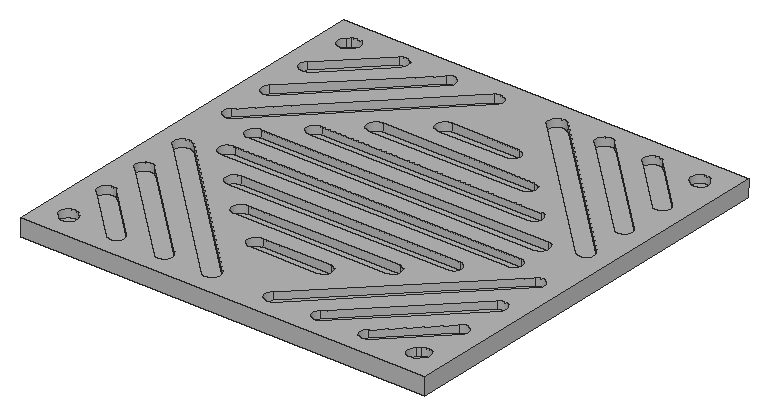
Revit family "dBA-1-inch-Ceiling-and-Wall-Panels-24x24-1", category Specialty Equipment, Revit 2026
Family settings
  Round Connector Dimension = Use Diameter
  Part Type = Normal
  Classification Number = 23.35.00.00
  Work Plane-Based = Yes
  Enable Cutting in Views = Yes
  Always vertical = No
  Cut with Voids When Loaded = No
  Maintain Annotation Orientation = No
  Shared = No
  Room Calculation Point = No
Parameters (values of type "Charcoal")
  URL = "https://www.acousticalsurfaces.com/sound-silencer/dba-ceiling-wall-panel/"
  Type Comments = "dBA Ceiling and Wall Panels"
  Recycled Content Percentage = "0%"
  Model = "Sound Silencer - dBA Ceiling and Wall Panels"
  Material = "Sound Silencer dBA"
  Manufacturer = "Acoustical Surfaces, Inc."
  Fire Rating = "ASTM E84 - Class A"
  Finish = Paint - Acoustical-Surfaces - dBA - Charcoal
  Description = "dBA Ceiling and Wall Panels"
  Default Elevation = 4' - 0"
  Assembly Code = "C30"
  Acoustics - NRC = "Sound absorption varies from NRC 0.45 to 0.95 based on installation method used when tested per ASTM C423."
Types (2): name | Finish
  Charcoal | Paint - Acoustical-Surfaces - dBA - Charcoal
  White | Paint - Acoustical-Surfaces - dBA - White
Reference planes (in)
  plane 1 "Center (Front/Back)": y = 0
  plane 2: z = 0
  plane 3 "Center (Left/Right)": x = 0
  plane 4: x = -12
  plane 5: x = 12
  plane 6: y = 12
  plane 7: y = -12
  plane 8: z = 1
Forms (in)
  Extrusion 1, solid, material "Paint - Acoustical-Surfaces - dBA - Charcoal" <- "Finish"
    sketch origin (0, 0, 0) x (1, 0, 0) y (0, 1, 0)
      loop
        line (12, 12) -> (-12, 12) -> (-12, -12) -> (12, -12) -> (12, 12)
    from 0 to 0.5625
  Extrusion 2, solid, material "Paint - Acoustical-Surfaces - dBA - Charcoal" <- "Finish"
    sketch origin (0, 0, 0.5625) x (1, 0, 0) y (0, 1, 0)
      loop
        line (12, 12) -> (-12, 12) -> (-12, -12) -> (12, -12) -> (12, 12)
      loop
        arc (-10.14645, -9.96967) -> (-10.85355, -9.96967) -> (-10.85355, -10.67678) r 0.5
        line (-10.85355, -10.67678) -> (-10.67678, -10.85355)
        arc (-10.67678, -10.85355) -> (-9.96967, -10.85355) -> (-9.96967, -10.14645) r 0.5
        line (-9.96967, -10.14645) -> (-10.14645, -9.96967)
      loop
        arc (-7.84835, -10.85355) -> (-7.14124, -10.85355) -> (-7.14124, -10.14645) r 0.5
        line (-7.14124, -10.14645) -> (-10.14645, -7.14124)
        arc (-10.14645, -7.14124) -> (-10.85355, -7.14124) -> (-10.85355, -7.84835) r 0.5
        line (-10.85355, -7.84835) -> (-7.84835, -10.85355)
      loop
        arc (-5.01992, -10.85355) -> (-4.31282, -10.85355) -> (-4.31282, -10.14645) r 0.5
        line (-4.31282, -10.14645) -> (-10.14645, -4.31282)
        arc (-10.14645, -4.31282) -> (-10.85355, -4.31282) -> (-10.85355, -5.01992) r 0.5
        line (-10.85355, -5.01992) -> (-5.01992, -10.85355)
      loop
        arc (-2.1915, -10.85355) -> (-1.48439, -10.85355) -> (-1.48439, -10.14645) r 0.5
        line (-1.48439, -10.14645) -> (-10.14645, -1.48439)
        arc (-10.14645, -1.48439) -> (-10.85355, -1.48439) -> (-10.85355, -2.1915) r 0.5
        line (-10.85355, -2.1915) -> (-2.1915, -10.85355)
      loop
        arc (2, -7.5) -> (2.5, -7) -> (2, -6.5) r 0.5
        line (2, -6.5) -> (-2, -6.5)
        arc (-2, -6.5) -> (-2.5, -7) -> (-2, -7.5) r 0.5
        line (-2, -7.5) -> (2, -7.5)
      loop
        arc (4.5, -5.5) -> (5, -5) -> (4.5, -4.5) r 0.5
        line (4.5, -4.5) -> (-4.5, -4.5)
        arc (-4.5, -4.5) -> (-5, -5) -> (-4.5, -5.5) r 0.5
        line (-4.5, -5.5) -> (4.5, -5.5)
      loop
        arc (6.5, -3.5) -> (7, -3) -> (6.5, -2.5) r 0.5
        line (6.5, -2.5) -> (-6.5, -2.5)
        arc (-6.5, -2.5) -> (-7, -3) -> (-6.5, -3.5) r 0.5
        line (-6.5, -3.5) -> (6.5, -3.5)
      loop
        arc (8.5, -1.5) -> (9, -1) -> (8.5, -0.5) r 0.5
        line (8.5, -0.5) -> (-8.5, -0.5)
        arc (-8.5, -0.5) -> (-9, -1) -> (-8.5, -1.5) r 0.5
        line (-8.5, -1.5) -> (8.5, -1.5)
      loop
        arc (8.5, 0.5) -> (9, 1) -> (8.5, 1.5) r 0.5
        line (8.5, 1.5) -> (-8.5, 1.5)
        arc (-8.5, 1.5) -> (-9, 1) -> (-8.5, 0.5) r 0.5
        line (-8.5, 0.5) -> (8.5, 0.5)
      loop
        arc (6.5, 2.5) -> (7, 3) -> (6.5, 3.5) r 0.5
        line (6.5, 3.5) -> (-6.5, 3.5)
        arc (-6.5, 3.5) -> (-7, 3) -> (-6.5, 2.5) r 0.5
        line (-6.5, 2.5) -> (6.5, 2.5)
      loop
        arc (4.5, 4.5) -> (5, 5) -> (4.5, 5.5) r 0.5
        line (4.5, 5.5) -> (-4.5, 5.5)
        arc (-4.5, 5.5) -> (-5, 5) -> (-4.5, 4.5) r 0.5
        line (-4.5, 4.5) -> (4.5, 4.5)
      loop
        line (-2, 6.5) -> (2, 6.5)
        arc (2, 6.5) -> (2.5, 7) -> (2, 7.5) r 0.5
        line (2, 7.5) -> (-2, 7.5)
        arc (-2, 7.5) -> (-2.5, 7) -> (-2, 6.5) r 0.5
      loop
        arc (-1.48439, 10.14645) -> (-1.48439, 10.85355) -> (-2.1915, 10.85355) r 0.5
        line (-2.1915, 10.85355) -> (-10.85355, 2.1915)
        arc (-10.85355, 2.1915) -> (-10.85355, 1.48439) -> (-10.14645, 1.48439) r 0.5
        line (-10.14645, 1.48439) -> (-1.48439, 10.14645)
      loop
        arc (-4.31282, 10.14645) -> (-4.31282, 10.85355) -> (-5.01992, 10.85355) r 0.5
        line (-5.01992, 10.85355) -> (-10.85355, 5.01992)
        arc (-10.85355, 5.01992) -> (-10.85355, 4.31282) -> (-10.14645, 4.31282) r 0.5
        line (-10.14645, 4.31282) -> (-4.31282, 10.14645)
      loop
        arc (-7.14124, 10.14645) -> (-7.14124, 10.85355) -> (-7.84835, 10.85355) r 0.5
        line (-7.84835, 10.85355) -> (-10.85355, 7.84835)
        arc (-10.85355, 7.84835) -> (-10.85355, 7.14124) -> (-10.14645, 7.14124) r 0.5
        line (-10.14645, 7.14124) -> (-7.14124, 10.14645)
      loop
        line (-10.14645, 9.96967) -> (-9.96967, 10.14645)
        arc (-9.96967, 10.14645) -> (-9.96967, 10.85355) -> (-10.67678, 10.85355) r 0.5
        line (-10.67678, 10.85355) -> (-10.85355, 10.67678)
        arc (-10.85355, 10.67678) -> (-10.85355, 9.96967) -> (-10.14645, 9.96967) r 0.5
      loop
        arc (10.14645, 1.48439) -> (10.85355, 1.48439) -> (10.85355, 2.1915) r 0.5
        line (10.85355, 2.1915) -> (2.1915, 10.85355)
        arc (2.1915, 10.85355) -> (1.48439, 10.85355) -> (1.48439, 10.14645) r 0.5
        line (1.48439, 10.14645) -> (10.14645, 1.48439)
      loop
        arc (10.14645, 4.31282) -> (10.85355, 4.31282) -> (10.85355, 5.01992) r 0.5
        line (10.85355, 5.01992) -> (5.01992, 10.85355)
        arc (5.01992, 10.85355) -> (4.31282, 10.85355) -> (4.31282, 10.14645) r 0.5
        line (4.31282, 10.14645) -> (10.14645, 4.31282)
      loop
        arc (10.14645, 7.14124) -> (10.85355, 7.14124) -> (10.85355, 7.84835) r 0.5
        line (10.85355, 7.84835) -> (7.84835, 10.85355)
        arc (7.84835, 10.85355) -> (7.14124, 10.85355) -> (7.14124, 10.14645) r 0.5
        line (7.14124, 10.14645) -> (10.14645, 7.14124)
      loop
        arc (10.14645, 9.96967) -> (10.85355, 9.96967) -> (10.85355, 10.67678) r 0.5
        line (10.85355, 10.67678) -> (10.67678, 10.85355)
        arc (10.67678, 10.85355) -> (9.96967, 10.85355) -> (9.96967, 10.14645) r 0.5
        line (9.96967, 10.14645) -> (10.14645, 9.96967)
      loop
        arc (1.48439, -10.14645) -> (1.48439, -10.85355) -> (2.1915, -10.85355) r 0.5
        line (2.1915, -10.85355) -> (10.85355, -2.1915)
        arc (10.85355, -2.1915) -> (10.85355, -1.48439) -> (10.14645, -1.48439) r 0.5
        line (10.14645, -1.48439) -> (1.48439, -10.14645)
      loop
        arc (4.31282, -10.14645) -> (4.31282, -10.85355) -> (5.01992, -10.85355) r 0.5
        line (5.01992, -10.85355) -> (10.85355, -5.01992)
        arc (10.85355, -5.01992) -> (10.85355, -4.31282) -> (10.14645, -4.31282) r 0.5
        line (10.14645, -4.31282) -> (4.31282, -10.14645)
      loop
        arc (7.14124, -10.14645) -> (7.14124, -10.85355) -> (7.84835, -10.85355) r 0.5
        line (7.84835, -10.85355) -> (10.85355, -7.84835)
        arc (10.85355, -7.84835) -> (10.85355, -7.14124) -> (10.14645, -7.14124) r 0.5
        line (10.14645, -7.14124) -> (7.14124, -10.14645)
      loop
        arc (9.96967, -10.14645) -> (9.96967, -10.85355) -> (10.67678, -10.85355) r 0.5
        line (10.67678, -10.85355) -> (10.85355, -10.67678)
        arc (10.85355, -10.67678) -> (10.85355, -9.96967) -> (10.14645, -9.96967) r 0.5
        line (10.14645, -9.96967) -> (9.96967, -10.14645)
    from 0 to 0.4375
Cuts and joins
  joined: Extrusion 1, Extrusion 2
Dimensions and locks (in)
  aligned and locked: level to plane 2
